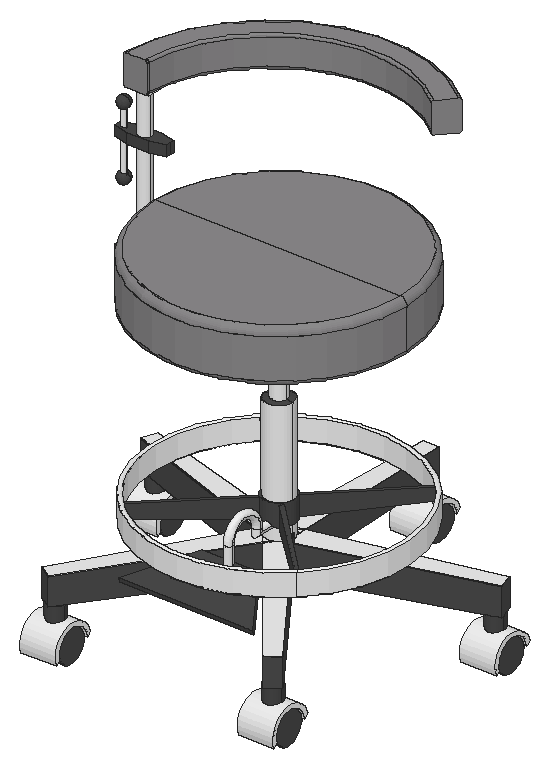
Revit family (continued)
Definition of nested family "Foot Ring"
  Lines and regions (mm)
    symbolic lines, detail levels fine
      curve 5: line (25.237, 2.877, 0) -> (196.829, 2.877, 0)
      curve 6: line (-25.271, -2.558, 0) -> (-196.833, -2.558, 0)
      curve 7: line (-25.237, 2.877, 0) -> (-196.829, 2.877, 0)
      curve 8: line (-2.717, 25.254, 0) -> (-2.717, 196.831, 0)
      curve 9: line (2.717, 196.831, 0) -> (2.717, 25.254, 0)
      curve 11: circle (0, 0, 0) r 20.496 normal (0, 0, 1)
    symbolic lines, detail levels medium+fine
      curve 10: circle (0, 0, 0) r 25.4 normal (0, 0, 1)
  Dimensions and locks
    plane 4 to plane 2 = 0' - 1 1/2"
    aligned and locked: level to plane 2
Definition of nested family "Air Lift No Lever"
  Parameters (values of type "Air Lift No Lever")
    Seat Connector Material = Chair - Midmark - Black Plastic
    Lever Tip Material = Chair - Midmark - Black Plastic
    Lever Material = Chair - Midmark - Chrome
    Assembly Code = ""
  Reference planes
    plane 1 "Center Front/Back": y = 0
    plane 2: z = 0
    plane 3 "Center Left/Right": x = 0
    plane 4 "Back": y = 76.2
    plane 5 "Front": y = -76.2
    plane 6 "Front1": y = -95.25
    plane 7 "Back1": y = 95.25
    plane 8 "Left": x = -57.15
    plane 9 "Right": x = 57.15
    plane 10: y = -47.625
  Forms (mm)
    Extrusion 1, solid, material "Chair - Midmark - Black Plastic" <- "Seat Connector Material"
      sketch origin (-55.563, 0, 0) x (1, 0, 0) y (0, 0, 1)
        loop
          line (4.763, 31.75) -> (9.161, 31.75)
          arc (9.161, 31.75) -> (12.643, 14.279) -> (23.297, 0) r 40.433
          line (23.297, 0) -> (55.563, 0) -> (87.828, 0)
          arc (87.828, 0) -> (98.482, 14.279) -> (101.964, 31.75) r 40.433
          line (101.964, 31.75) -> (106.363, 31.75) -> (106.363, 38.1) -> (94.82, 38.1)
          arc (94.82, 38.1) -> (94.211, 20.999) -> (85.368, 6.35) r 34.083
          line (85.368, 6.35) -> (55.563, 6.35) -> (25.757, 6.35)
          arc (25.757, 6.35) -> (16.914, 20.999) -> (16.305, 38.1) r 34.083
          line (16.305, 38.1) -> (4.763, 38.1) -> (4.763, 31.75)
      from -76.2 to 76.2
  Lines and regions (mm)
    Masking region 1
      outline origin (55.562, 0, 0) x (1, 0, 0) y (0, 1, 0)
        loop
          line (-4.762, -76.2) -> (-4.762, 76.2) -> (-106.362, 76.2) -> (-106.362, -76.2) -> (-4.762, -76.2)
    Masking region 2, detail levels coarse
      outline origin (0, -95.25, 0) x (-1, 0, 0) y (0, 0, 1)
        loop
          line (-50.8, 38.1) -> (-50.8, -9.626) -> (50.8, -9.626) -> (50.8, 38.1) -> (-50.8, 38.1)
    Masking region 3, detail levels coarse
      outline origin (0, 95.25, 0) x (-1, 0, 0) y (0, 0, 1)
        loop
          line (-50.8, 38.1) -> (-50.8, -9.626) -> (50.8, -9.626) -> (50.8, 38.1) -> (-50.8, 38.1)
    Masking region 4, detail levels coarse
      outline origin (-57.15, 0, 0) x (0, -1, 0) y (0, 0, 1)
        loop
          line (-76.2, -9.757) -> (76.2, -9.757) -> (76.2, 38.1) -> (-76.2, 38.1) -> (-76.2, -9.757)
    Masking region 5, detail levels coarse
      outline origin (57.15, 0, 0) x (0, 1, 0) y (0, 0, 1)
        loop
          line (-76.2, 38.1) -> (-76.2, -9.757) -> (76.2, -9.757) -> (76.2, 38.1) -> (-76.2, 38.1)
  Dimensions and locks
    equal spacing: plane 4 "Back", plane 1 "Center Front/Back", plane 5 "Front"
    plane 10 to plane 5 "Front" = 0' - 1 1/8"
    aligned and locked: level to plane 2
    aligned and locked: Extrusion 1 to plane 5 "Front"
    aligned and locked: plane 4 "Back" to Extrusion 1
  Automatic sketch dimensions
    Masking region 1 sketch curve to plane 5 "Front" = 0' - 0"
    Masking region 1 sketch curve to plane 4 "Back" = 0' - 0"
    Masking region 1 sketch curve to plane 3 "Center Left/Right" = 0' - 2"
    plane 3 "Center Left/Right" to Masking region 1 sketch curve = 0' - 2"
    Extrusion 1 sketch curve to Extrusion 1 sketch curve = 0' - 0"  (x6)
    Extrusion 1 sketch curve to level = 0' - 0"
    Extrusion 1 sketch curve to plane 3 "Center Left/Right" = 0' - 2"
    Extrusion 1 sketch curve to Extrusion 1 sketch curve = 0' - 0.17315"  (x2)
    Extrusion 1 sketch curve to Extrusion 1 sketch curve = 0' - 0.28129"  (x2)
    Extrusion 1 sketch curve to plane 3 "Center Left/Right" = 0' - 1.27031"
    level to Extrusion 1 sketch curve = 0' - 0 1/4"
    Extrusion 1 sketch curve to Extrusion 1 sketch curve = 0' - 0.09688"  (x2)
    level to Extrusion 1 sketch curve = 0' - 1.20961"
    Extrusion 1 sketch curve to Extrusion 1 sketch curve = 0' - 1.31004"
    Extrusion 1 sketch curve to Extrusion 1 sketch curve = 0' - 0.23552"
    Extrusion 1 sketch curve to Extrusion 1 sketch curve = 0' - 0.47105"
    Extrusion 1 sketch curve to Extrusion 1 sketch curve = 0' - 1.17343"
    Extrusion 1 sketch curve to Extrusion 1 sketch curve = 0' - 0.37213"
    Masking region 2 sketch curve to level = 0' - 0.37896"
    plane 3 "Center Left/Right" to Masking region 2 sketch curve = 0' - 2"
    level to Masking region 2 sketch curve = 0' - 1 1/2"
    Masking region 2 sketch curve to plane 3 "Center Left/Right" = 0' - 2"
    Masking region 3 sketch curve to level = 0' - 0.37896"
    plane 3 "Center Left/Right" to Masking region 3 sketch curve = 0' - 2"
    Masking region 3 sketch curve to plane 3 "Center Left/Right" = 0' - 2"
    level to Masking region 3 sketch curve = 0' - 1 1/2"
    Masking region 5 sketch curve to plane 5 "Front" = 0' - 0"
    Masking region 5 sketch curve to plane 4 "Back" = 0' - 0"
    Masking region 5 sketch curve to level = 0' - 0.38413"
    level to Masking region 5 sketch curve = 0' - 1 1/2"
    Masking region 4 sketch curve to plane 4 "Back" = 0' - 0"
    Masking region 4 sketch curve to plane 5 "Front" = 0' - 0"
    Masking region 4 sketch curve to level = 0' - 0.38413"
    level to Masking region 4 sketch curve = 0' - 1 1/2"
Types (2): name | Product Page URL | Assembly Code
  Classic Series Stools | "http://www.midmark.com/en-us/AnimalHealthProducts/Seating/Pages/Midmark278AirLiftSurgeonStool.aspx" | "E2020"
  Furniture-Stool-Midmark-Ritter_278-Air_Lift_Surgeon_Stool | "http://www.midmark.com/en-us/AnimalHealthProducts/Seating/Pages/Midmark278AirLiftSurgeonStool.aspx#description" | ""
